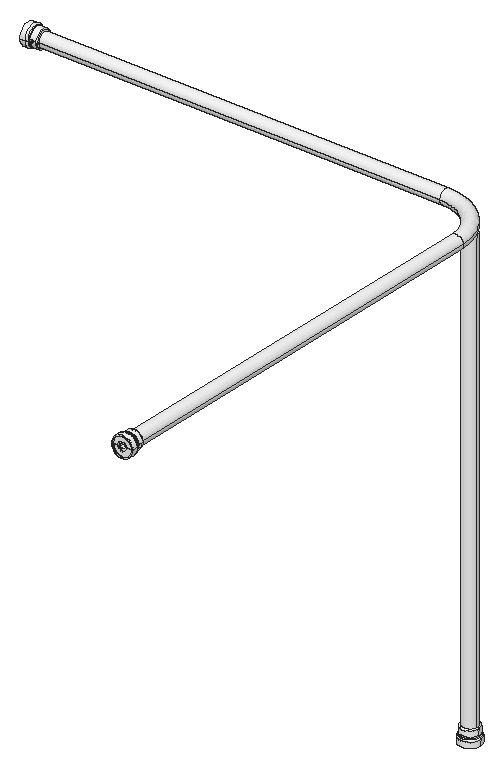
Revit family "53934__DVS-L-B-1000x1000", category Generic Models, Revit 2014
Parameters (values of type "Type")
  Length [instance] = 700 mm
  L [instance] = Length - 40 mm  # 660 mm
  Color = White
Reference planes
  plane 1 "Center (Front/Back)": y = 0
  plane 2: z = 0
  plane 3 "Center (Left/Right)": x = 0
  plane 4: y = -978
Forms (mm)
  Extrusion 1, solid, material "White" <- "Color", detail levels fine
    sketch origin (0, -728, 951) x (0, 1, 0) y (0, 0, 1)
      loop
        circle (-250, 49) r 3
      loop
        line (-248.4, 49.924) -> (-250, 50.848) -> (-251.6, 49.924) -> (-251.6, 48.076) -> (-250, 47.152) -> (-248.4, 48.076) -> (-248.4, 49.924)
    from 0 to 20
  Revolve 2, solid, material "White" <- "Color", detail levels fine
    sketch origin (0, -1000, 1000) x (1, 0, 0) y (0, 1, 0)
      loop
        arc (22.475, 11.48) -> (21.956, 13.166) -> (20.58, 14.269) r 3
        arc (20.58, 14.269) -> (19.18, 15.661) -> (19.227, 17.635) r 2.5
        arc (19.227, 17.635) -> (19.447, 18.322) -> (19.496, 19.042) r 3
        line (19.496, 19.042) -> (18.864, 31.105)
        arc (18.864, 31.105) -> (18.243, 32.451) -> (16.866, 33) r 2
        line (16.866, 33) -> (5.5, 33) -> (5.5, 2) -> (9.5, 2) -> (9.5, 1) -> (20, 1) -> (20, 0) -> (22.475, 0) -> (22.475, 11.48)
      axis (0, 0) -> (0, 33)
    angle from 0 to 360
  Sweep 3, solid, material "White" <- "Color", detail levels medium+fine
    path origin (0, 0, 1000) x (1, 0, 0) y (0, 1, 0)
      loop
        line (0, -967) -> (0, -110)
        arc (0, -110) -> (-32.218, -32.218) -> (-110, 0) r 110
        line (-110, 0) -> (-967, 0)
    profile origin (-538.5, 0, 1000) x (0, -1, 0) y (0, 0, 1)
      loop
        circle (0, 0) r 15
  Extrusion 4, void
    sketch origin (0, -728, 951) x (0, 1, 0) y (0, 0, 1)
      loop
        line (-248.4, 49.924) -> (-250, 50.848) -> (-251.6, 49.924) -> (-251.6, 48.076) -> (-250, 47.152) -> (-248.4, 48.076) -> (-248.4, 49.924)
    from 17.178 to 28.803
  Extrusion 5, solid, material "White" <- "Color", detail levels fine
    sketch origin (-32.218, 16.782, -228) x (0, 0, -1) y (0, -1, 0)
      loop
        circle (-250, 49) r 3
      loop
        line (-248.4, 49.924) -> (-250, 50.848) -> (-251.6, 49.924) -> (-251.6, 48.076) -> (-250, 47.152) -> (-248.4, 48.076) -> (-248.4, 49.924)
    from 0 to 20
  Revolve 6, solid, material "White" <- "Color", detail levels fine
    sketch origin (-32.218, -32.218, 0) x (1, 0, 0) y (0, 0, 1)
      loop
        arc (22.475, 11.48) -> (21.956, 13.166) -> (20.58, 14.269) r 3
        arc (20.58, 14.269) -> (19.18, 15.661) -> (19.227, 17.635) r 2.5
        arc (19.227, 17.635) -> (19.447, 18.322) -> (19.496, 19.042) r 3
        line (19.496, 19.042) -> (18.864, 31.105)
        arc (18.864, 31.105) -> (18.243, 32.451) -> (16.866, 33) r 2
        line (16.866, 33) -> (5.5, 33) -> (5.5, 2) -> (9.5, 2) -> (9.5, 1) -> (20, 1) -> (20, 0) -> (22.475, 0) -> (22.475, 11.48)
      axis (0, 0) -> (0, 33)
    angle from 0 to 360
  Extrusion 7, void, detail levels fine
    sketch origin (-32.218, 16.782, -228) x (0, 0, -1) y (0, -1, 0)
      loop
        line (-248.4, 49.924) -> (-250, 50.848) -> (-251.6, 49.924) -> (-251.6, 48.076) -> (-250, 47.152) -> (-248.4, 48.076) -> (-248.4, 49.924)
    from 17.178 to 28.803
  Extrusion 8, solid, material "White" <- "Color", detail levels fine
    sketch origin (0, 0, 0) x (1, 0, 0) y (0, 1, 0)
      loop
        circle (-32.218, -32.218) r 15
    from 27.601 to 972
  Extrusion 9, solid, material "White" <- "Color", detail levels fine
    sketch origin (-728, 0, 951) x (1, 0, 0) y (0, 0, 1)
      loop
        circle (-250, 49) r 3
      loop
        line (-248.4, 49.924) -> (-250, 50.848) -> (-251.6, 49.924) -> (-251.6, 48.076) -> (-250, 47.152) -> (-248.4, 48.076) -> (-248.4, 49.924)
    from 0 to 20
  Revolve 10, solid, material "White" <- "Color", detail levels fine
    sketch origin (-1000, 0, 1000) x (0, -1, 0) y (1, 0, 0)
      loop
        arc (22.475, 11.48) -> (21.956, 13.166) -> (20.58, 14.269) r 3
        arc (20.58, 14.269) -> (19.18, 15.661) -> (19.227, 17.635) r 2.5
        arc (19.227, 17.635) -> (19.447, 18.322) -> (19.496, 19.042) r 3
        line (19.496, 19.042) -> (18.864, 31.105)
        arc (18.864, 31.105) -> (18.243, 32.451) -> (16.866, 33) r 2
        line (16.866, 33) -> (5.5, 33) -> (5.5, 2) -> (9.5, 2) -> (9.5, 1) -> (20, 1) -> (20, 0) -> (22.475, 0) -> (22.475, 11.48)
      axis (0, 0) -> (0, 33)
    angle from 0 to 360
  Extrusion 11, void
    sketch origin (-728, 0, 951) x (1, 0, 0) y (0, 0, 1)
      loop
        line (-248.4, 49.924) -> (-250, 50.848) -> (-251.6, 49.924) -> (-251.6, 48.076) -> (-250, 47.152) -> (-248.4, 48.076) -> (-248.4, 49.924)
    from 17.178 to 28.803
  Revolve 12, solid, material "White" <- "Color", detail levels fine
    sketch origin (0, -32, 0) x (1, 0, 0) y (0, 0, 1)
      loop
        line (-36.218, 1000) -> (-36.218, 977)
        arc (-36.218, 977) -> (-37.097, 974.879) -> (-39.218, 974) r 3
        line (-39.218, 974) -> (-39.218, 972) -> (-32.218, 972) -> (-32.218, 1000) -> (-36.218, 1000)
      axis (-32.218, 1000) -> (-32.218, 972)
    angle from 0 to 360
  Extrusion 13, void
    sketch origin (0, 0, 0) x (1, 0, 0) y (0, 0, 1)
      loop
        line (-38.218, 972) -> (-38.218, 975.581) -> (-44.166, 975.581) -> (-44.166, 972) -> (-38.218, 972)
      loop
        line (-26.218, 972) -> (-20.694, 972) -> (-20.694, 975.946) -> (-26.218, 975.946) -> (-26.218, 972)
    from -32.169 to 250
  Revolve 14, solid, material "White" <- "Color", detail levels medium
    sketch origin (-32.218, -32.218, 0) x (1, 0, 0) y (0, 0, 1)
      loop
        arc (22.475, 11.48) -> (21.956, 13.166) -> (20.58, 14.269) r 3
        arc (20.58, 14.269) -> (19.18, 15.661) -> (19.227, 17.635) r 2.5
        arc (19.227, 17.635) -> (19.447, 18.322) -> (19.496, 19.042) r 3
        line (19.496, 19.042) -> (18.864, 31.105)
        arc (18.864, 31.105) -> (18.243, 32.451) -> (16.866, 33) r 2
        line (16.866, 33) -> (0, 33) -> (0, 0) -> (22.475, 0) -> (22.475, 11.48)
      axis (0, 0) -> (0, 33)
    angle from 0 to 360
  Revolve 15, solid, material "White" <- "Color", detail levels medium
    sketch origin (-1000, 0, 1000) x (0, -1, 0) y (1, 0, 0)
      loop
        arc (22.475, 11.48) -> (21.956, 13.166) -> (20.58, 14.269) r 3
        arc (20.58, 14.269) -> (19.18, 15.661) -> (19.227, 17.635) r 2.5
        arc (19.227, 17.635) -> (19.447, 18.322) -> (19.496, 19.042) r 3
        line (19.496, 19.042) -> (18.864, 31.105)
        arc (18.864, 31.105) -> (18.243, 32.451) -> (16.866, 33) r 2
        line (16.866, 33) -> (0, 33) -> (0, 0) -> (22.475, 0) -> (22.475, 11.48)
      axis (0, 0) -> (0, 33)
    angle from 0 to 360
  Revolve 16, solid, material "White" <- "Color", detail levels medium
    sketch origin (0, -1000, 1000) x (1, 0, 0) y (0, 1, 0)
      loop
        arc (22.475, 11.48) -> (21.956, 13.166) -> (20.58, 14.269) r 3
        arc (20.58, 14.269) -> (19.18, 15.661) -> (19.227, 17.635) r 2.5
        arc (19.227, 17.635) -> (19.447, 18.322) -> (19.496, 19.042) r 3
        line (19.496, 19.042) -> (18.864, 31.105)
        arc (18.864, 31.105) -> (18.243, 32.451) -> (16.866, 33) r 2
        line (16.866, 33) -> (0, 33) -> (0, 0) -> (22.475, 0) -> (22.475, 11.48)
      axis (0, 0) -> (0, 33)
    angle from 0 to 360
  Extrusion 17, solid, material "White" <- "Color", detail levels medium
    sketch origin (0, 0, 0) x (1, 0, 0) y (0, 1, 0)
      loop
        circle (-32.218, -32.218) r 15
    from 33 to 1000
  Extrusion 18, solid, material "White" <- "Color", detail levels coarse
    sketch origin (0, 0, 0) x (1, 0, 0) y (0, 0, 1)
      loop
        line (-1000, 0) -> (22.475, 0) -> (22.475, 1022.475) -> (-1000, 1022.475) -> (-1000, 0)
    from -23.866 to 1000
Cuts and joins
  Extrusion 4, Extrusion 7, Extrusion 11 cuts Revolve 2
  Extrusion 7, Extrusion 11 cuts Extrusion 1
  Extrusion 7 cuts Extrusion 5
  Extrusion 7, Extrusion 13 cuts Revolve 6
  Extrusion 13 cuts Extrusion 8
  Extrusion 13 cuts Revolve 12
  joined: Revolve 6, Extrusion 8, Revolve 12
  Extrusion 11 cuts Extrusion 9
  Extrusion 11 cuts Revolve 10
Dimensions and locks
  radius of Sweep 3 sketch curve = 110 mm
  aligned and locked: level to plane 2
